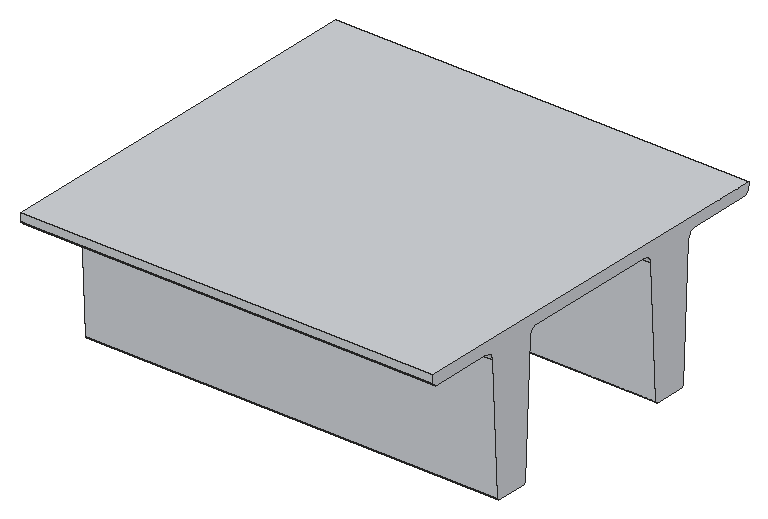
Revit family "TTD 90_Precast-Rib deck_Spæncom", category Structural Framing, Revit 2014
Parameters
  Width TTD plate [instance] = 2392 mm
  TTD plate left (596mm) [instance] = 596 mm
  TTD plate right (596mm) [instance] = 596 mm
  TTD rib distance = 1200 mm  # constant formula
  Structural Material [instance] = none
  Plate thickness = 70 mm  # constant formula
  Model = "TTD90"
  Manufacturer = "Spæncom"
  Length [instance] = 3000 mm
  Height TTD = 900 mm  # constant formula
Reference planes
  plane 1 "Center (Front/Back)": y = 0
  plane 2 "Center Elevation": z = 0
  plane 3 "Center (Left/Right)": x = 0
  plane 4 "Left": x = -1500
  plane 5 "Member Left": x = -1250
  plane 6 "Stick Symbol Left": x = -1000
  plane 7 "Right": x = 1500
  plane 8 "Member Right": x = 1250
  plane 9 "Stick Symbol Right": x = 1000
  plane 10: y = 600
  plane 11: y = -600
  plane 12: through (0, 740.125, 782.497) normal (0, -0.9988, 0.0499)
  plane 13: through (0, 498.501, 9.988) normal (0, 0.9988, 0.0499)
  plane 14: through (0, -459.875, 782.497) normal (0, -0.9988, 0.0499)
  plane 15: through (0, -701.499, 9.988) normal (0, 0.9988, 0.0499)
Forms (mm)
  Extrusion 1, solid, material <- "Structural Material"
    sketch origin (-250, -0.962, 0) x (0, 1, 0) y (0, 0, 1)
      loop
        line (1196.962, 900) -> (-1195.038, 900) -> (-1192.038, 850) -> (-1172.038, 830) -> (-789.1, 830)
        arc (-789.1, 830) -> (-754.639, 816.227) -> (-739.163, 782.497) r 50
        line (-739.163, 782.497) -> (-700.537, 9.988) -> (-690.038, 0) -> (-508.038, 0) -> (-497.538, 9.988) -> (-458.913, 782.497)
        arc (-458.913, 782.497) -> (-443.436, 816.227) -> (-408.975, 830) r 50
        line (-408.975, 830) -> (410.9, 830)
        arc (410.9, 830) -> (445.361, 816.227) -> (460.837, 782.497) r 50
        line (460.837, 782.497) -> (499.463, 9.988) -> (509.962, 0) -> (691.962, 0) -> (702.462, 9.988) -> (741.087, 782.497)
        arc (741.087, 782.497) -> (756.564, 816.227) -> (791.025, 830) r 50
        line (791.025, 830) -> (1173.962, 830) -> (1193.962, 850) -> (1196.962, 900)
    from -1000 to 1500
Dimensions and locks
  equal spacing: plane 4 "Left", plane 3 "Center (Left/Right)", plane 7 "Right"
  "Length": plane 4 "Left" to plane 7 "Right"
  Extrusion 1 to plane 10 = 596 mm
  plane 11 to Extrusion 1 = 596 mm
  "Plate thickness": Extrusion 1 to Extrusion 1
  "Height TTD": Extrusion 1 to Extrusion 1
  plane 12 to plane 13 = 202 mm
  plane 14 to plane 15 = 202 mm
  "TTD rib distance": plane 10 to plane 11
  "TTD plate left (596mm)": Extrusion 1 sketch curve to plane 10
  "TTD plate right (596mm)": plane 11 to Extrusion 1 sketch curve
  "Width TTD plate": Extrusion 1 to Extrusion 1
  radius of Extrusion 1 = 50 mm  (x4)
  aligned and locked: level to plane 2 "Center Elevation"
  aligned and locked: Extrusion 1 to plane 5 "Member Left"
  aligned and locked: Extrusion 1 to plane 8 "Member Right"
  aligned and locked: Extrusion 1 sketch curve to level  (x2)
Automatic sketch dimensions
  Extrusion 1 sketch curve to plane 15 = 0 mm  (x2)
  Extrusion 1 sketch curve to plane 14 = 0 mm  (x2)
  Extrusion 1 sketch curve to plane 13 = 0 mm  (x2)
  Extrusion 1 sketch curve to plane 12 = 0 mm  (x2)
  Extrusion 1 sketch curve to Extrusion 1 sketch curve = 3 mm  (x2)
  Extrusion 1 sketch curve to Extrusion 1 sketch curve = 20 mm  (x4)
  Extrusion 1 sketch curve to plane 11 = 190.062 mm
  Extrusion 1 sketch curve to Extrusion 1 sketch curve = 49.938 mm  (x4)
  level to Extrusion 1 sketch curve = 9.988 mm  (x4)
  Extrusion 1 sketch curve to Extrusion 1 sketch curve = 10.499 mm  (x2)
  plane 11 to Extrusion 1 sketch curve = 91 mm
  plane 11 to Extrusion 1 sketch curve = 140.125 mm
  Extrusion 1 sketch curve to plane 10 = 190.062 mm
  plane 10 to Extrusion 1 sketch curve = 91 mm
  plane 10 to Extrusion 1 sketch curve = 140.125 mm
  Extrusion 1 sketch curve to Extrusion 1 sketch curve = 2.497 mm  (x3)
  Extrusion 1 sketch curve to Extrusion 1 sketch curve = 50 mm
